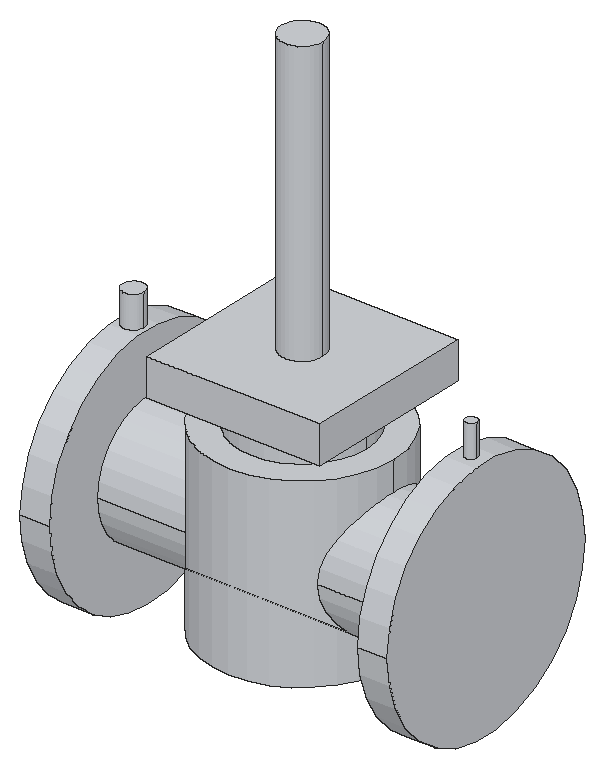
Revit family "OPTIMA_Compact_FLANGE_PN16_DN100-HF_RFA_2018", category Pipe Accessories, Revit 2018
Family settings
  Round Connector Dimension = Use Diameter
  Part Type = Valve - Breaks Into
  Work Plane-Based = No
  Always vertical = Yes
  Cut with Voids When Loaded = No
  Shared = No
Parameters (values of type "Optima Compact Flange PN16 DN100 HF")
  magiProductId = "Frese Optima Flange DN100 HF"
  magiProductFamilyId = "Frese Optima Flange *"
  magiPartTypeId = 304
  isMeasuringValve [instance] = no
  ang2D [instance] = 0.00°
  W2D = 50 mm
  VersionID = "2.0/2018.8.28.1/FRESE_OPTIMA_FLANGE_Q13_002"
  Use Minimum Symbol Size [instance] = yes
  URL = "www.hydronic.cz"
  Type Comments = "Přírubový; PN16; 0~120°C, s měřením"
  R4 = 61.25 mm
  R3 = 61.1 mm
  R1 = 87.5 mm
  QmdConnectorList = "301;D;302;D"
  Productdata [instance] = ""
  Manufacturer = "Hydronic Systems Prague s.r.o."
  MC Product Code = "53-1213 (DN100 HF; 40mm; pohon min 1000N; Qmin-dpmin 14800l/h-30.0kPa; Qmax-dpmin 90000l/h-75.0kPa; dpmax 800kPa)"
  MC Piping Given Pressure Drop [instance] = 0.0 Pa
  LF__ve = -LF  # -28 mm
  LF2 = 14 mm
  LF = 28 mm
  L4 = 164.5 mm
  L3 = 294 mm
  L2D_Min = 3048 mm
  L2D = 230 mm
  L2 = 175 mm
  H6 = 268.75 mm
  H4 = 35.25 mm
  H3 = 29.375 mm
  H2 = 88.125 mm
  H1 = 176.25 mm
  Description = "Tlakově nezávislý 2-cestný regulační vyvažovací ventil (PICV)"
  DF2 = 117.5 mm
  D = 100 mm
  CAT0 = yes
Types (14, lengths in mm): name | magiProductId | magiProductFamilyId | W2D | Type Comments | R4 | R3 | R1 | MC Product Code | LF__ve | LF2 | LF | L4 | L3 | L2D | L2 | H6 | H4 | H3 | H2 | H1 | DF2 | D
  Optima Compact Flange PN16 DN050 LF | "Frese Optima Flange DN050 LF" | "Frese Optima Flange *" | 50 | "Přírubový; PN16; 0~120°C, s měřením" | 40.3 | 42.9 | 57.5 | "53-1200 (DN50 LF; 20mm; pohon min 1000N; Qmin-dpmin 2500l/h-6.5kPa; Qmax-dpmin 15000l/h-20.0kPa; dpmax 800kPa)" | -18.4 | 9.2 | 18.4 | 108.1 | 193.2 | 230 | 115 | 157.3 | 24.8 | 20.6 | 61.9 | 123.8 | 82.5 | 50
  Optima Compact Flange PN16 DN050 HF | "Frese Optima Flange DN050 HF" | "Frese Optima Flange *" | 50 | "Přírubový; PN16; 0~120°C, s měřením" | 40.25 | 42.9 | 57.5 | "53-1210 (DN50 HF; 20mm; pohon min 1000N; Qmin-dpmin 3900l/h-19.0kPa; Qmax-dpmin 24000l/h-50.0kPa; dpmax 800kPa)" | -18.4 | 9.2 | 18.4 | 108.1 | 193.2 | 230 | 115 | 157.25 | 24.75 | 20.625 | 61.875 | 123.75 | 82.5 | 50
  Optima Compact Flange PN16 DN065 LF | "Frese Optima Flange DN065 LF" | "Frese Optima Flange *" | 50 | "Přírubový; PN16; 0~120°C, s měřením" | 50.75 | 48.1 | 72.5 | "53-1201 (DN65 LF; 20mm; pohon min 1000N; Qmin-dpmin 4400l/h-15.0kPa; Qmax-dpmin 25000l/h-25.0kPa; dpmax 800kPa)" | -23.2 | 11.6 | 23.2 | 136.3 | 243.6 | 230 | 145 | 171.25 | 27.75 | 23.125 | 69.375 | 138.75 | 92.5 | 65
  Optima Compact Flange PN16 DN065 HF | "Frese Optima Flange DN065 HF" | "Frese Optima Flange *" | 50 | "Přírubový; PN16; 0~120°C, s měřením" | 50.75 | 48.1 | 72.5 | "53-1211 (DN65 HF; 20mm; pohon min 1000N; Qmin-dpmin 6000l/h-30.0kPa; Qmax-dpmin 35000l/h-55.0kPa; dpmax 800kPa)" | -23.2 | 11.6 | 23.2 | 136.3 | 243.6 | 230 | 145 | 171.25 | 27.75 | 23.125 | 69.375 | 138.75 | 92.5 | 65
  Optima Compact Flange PN16 DN080 LF | "Frese Optima Flange DN080 LF" | "Frese Optima Flange *" | 50 | "Přírubový; PN16; 0~120°C, s měřením" | 54.25 | 52 | 77.5 | "53-1202 (DN80 LF; 20mm; pohon min 1000N; Qmin-dpmin 5300l/h-16.0kPa; Qmax-dpmin 34000l/h-25.0kPa; dpmax 800kPa)" | -24.8 | 12.4 | 24.8 | 145.7 | 260.4 | 230 | 155 | 183 | 30 | 25 | 75 | 150 | 100 | 80
  Optima Compact Flange PN16 DN080 HF | "Frese Optima Flange DN080 HF" | "Frese Optima Flange *" | 50 | "Přírubový; PN16; 0~120°C, s měřením" | 54.25 | 52 | 77.5 | "53-1212 (DN80 HF; 20mm; pohon min 1000N; Qmin-dpmin 7000l/h-23.0kPa; Qmax-dpmin 43000l/h-50.0kPa; dpmax 800kPa)" | -24.8 | 12.4 | 24.8 | 145.7 | 260.4 | 230 | 155 | 183 | 30 | 25 | 75 | 150 | 100 | 80
  Optima Compact Flange PN16 DN100 LF | "Frese Optima Flange DN100 LF" | "Frese Optima Flange *" | 50 | "Přírubový; PN16; 0~120°C, s měřením" | 61.25 | 61.1 | 87.5 | "53-1203 (DN100 LF; 40mm; pohon min 1000N; Qmin-dpmin 12100l/h-20.0kPa; Qmax-dpmin 68000l/h-35.0kPa; dpmax 800kPa)" | -28 | 14 | 28 | 164.5 | 294 | 230 | 175 | 268.75 | 35.25 | 29.375 | 88.125 | 176.25 | 117.5 | 100
  Optima Compact Flange PN16 DN100 HF | "Frese Optima Flange DN100 HF" | "Frese Optima Flange *" | 50 | "Přírubový; PN16; 0~120°C, s měřením" | 61.25 | 61.1 | 87.5 | "53-1213 (DN100 HF; 40mm; pohon min 1000N; Qmin-dpmin 14800l/h-30.0kPa; Qmax-dpmin 90000l/h-75.0kPa; dpmax 800kPa)" | -28 | 14 | 28 | 164.5 | 294 | 230 | 175 | 268.75 | 35.25 | 29.375 | 88.125 | 176.25 | 117.5 | 100
  Optima Compact Flange PN16 DN125 LF | "Frese Optima Flange DN125 LF" | "Frese Optima Flange *" | 50 | "Přírubový; PN16; 0~120°C, s měřením" | 70 | 70.2 | 100 | "53-1204 (DN125 LF; 40mm; pohon min 1000N; Qmin-dpmin 18500l/h-16.0kPa; Qmax-dpmin 110000l/h-35.0kPa; dpmax 800kPa)" | -32 | 16 | 32 | 188 | 336 | 230 | 200 | 275.5 | 40.5 | 33.75 | 101.25 | 202.5 | 135 | 125
  Optima Compact Flange PN16 DN125 HF | "Frese Optima Flange DN125 HF" | "Frese Optima Flange *" | 50 | "Přírubový; PN16; 0~120°C, s měřením" | 70 | 70.2 | 100 | "53-1214 (DN125 HF; 40mm; pohon min 1000N; Qmin-dpmin 23000l/h-27.0kPa; Qmax-dpmin 135000l/h-53.0kPa; dpmax 800kPa)" | -32 | 16 | 32 | 188 | 336 | 230 | 200 | 275.5 | 40.5 | 33.75 | 101.25 | 202.5 | 135 | 125
  Optima Compact Flange PN16 DN150 LF | "Frese Optima Flange DN150 LF" | "Frese Optima Flange *" | 50 | "Přírubový; PN16; 0~110°C, s měřením" | 84 | 74.1 | 120 | "53-1205 (DN150 LF; 43mm; pohon min 1500N; Qmin-dpmin 25600l/h-21.0kPa; Qmax-dpmin 148000l/h-35.0kPa; dpmax 800kPa)" | -38.4 | 19.2 | 38.4 | 225.6 | 403.2 | 230 | 240 | 279.25 | 42.75 | 35.625 | 106.875 | 213.75 | 142.5 | 150
  Optima Compact Flange PN16 DN150 HF | "Frese Optima Flange DN150 HF" | "Frese Optima Flange *" | 50 | "Přírubový; PN16; 0~110°C, s měřením" | 84 | 74.1 | 120 | "53-1215 (DN150 HF; 43mm; pohon min 1500N; Qmin-dpmin 32000l/h-33.0kPa; Qmax-dpmin 195000l/h-65.0kPa; dpmax 800kPa)" | -38.4 | 19.2 | 38.4 | 225.6 | 403.2 | 230 | 240 | 279.25 | 42.75 | 35.625 | 106.875 | 213.75 | 142.5 | 150
  Optima Compact Flange PN16 DN200 LF | "" | "" | 100 | "Přírubový; PN16; 0~110°C, s měřením" | 164.5 | 98.8 | 235 | "53-1206 (DN200 LF; 43mm; pohon min 1500N; Qmin-dpmin 95000l/h-11.0kPa; Qmax-dpmin 210000l/h-32.0kPa; dpmax 800kPa)" | -48 | 24 | 48 | 282 | 504 | 350 | 300 | 281 | 57 | 15 | 209 | 380 | 190 | 200
  Optima Compact Flange PN16 DN200 HF | "" | "" | 100 | "Přírubový; PN16; 0~110°C, s měřením" | 164.5 | 98.8 | 235 | "53-1216 (DN200 HF; 43mm; pohon min 1500N; Qmin-dpmin 130000l/h-31.0kPa; Qmax-dpmin 280000l/h-78.0kPa; dpmax 800kPa)" | -48 | 24 | 48 | 282 | 504 | 350 | 300 | 281 | 57 | 15 | 209 | 380 | 190 | 200
Reference planes
  plane 1 "Center (Front/Back)": y = 0
  plane 2 "XYPLANE": z = 0
  plane 3 "Center (Left/Right)": x = 0
  plane 4 "157": x = 161
  plane 5 "156": x = -161
  plane 6 "155": z = 117.5
  plane 7 "154": z = 152.75
  plane 8 "153": z = 117.5
  plane 9 "152": z = 88.125
  plane 10 "151": x = -147
  plane 11 "150": z = -88.125
  plane 12 "149": x = 0
  plane 13 "148": y = 0
  plane 14 "147": z = 0
  plane 15 "146": x = -175
  plane 16 "145": x = 175
Forms (mm)
  Extrusion 1, solid, visible <- "CAT0"
    sketch origin (-750, 0, 117.5) x (1, 0, 0) y (0, 1, 0)
      loop
        circle (911, 0) r 5.5
    from 0 to 30
  Extrusion 2, solid, visible <- "CAT0"
    sketch origin (-750, 0, 117.5) x (1, 0, 0) y (0, 1, 0)
      loop
        circle (589, 0) r 10.3
    from 0 to 30
  Extrusion 3, solid, visible <- "CAT0"
    sketch origin (-750, 0, 152.75) x (1, 0, 0) y (0, 1, 0)
      loop
        circle (750, 0) r 20
    from 0 to 268.75 <- "H6"
  Extrusion 4, solid, visible <- "CAT0"
    sketch origin (-750, 0, 117.5) x (1, 0, 0) y (0, 1, 0)
      loop
        line (832.25, 82.25) -> (667.75, 82.25) -> (667.75, -82.25) -> (832.25, -82.25) -> (832.25, 82.25)
    from 0 to 35.25 <- "H4"
  Extrusion 5, solid, visible <- "CAT0"
    sketch origin (-750, 0, 88.125) x (1, 0, 0) y (0, 1, 0)
      loop
        circle (750, 0) r 61.25
    from 0 to 29.375 <- "H3"
  Extrusion 6, solid, visible <- "CAT0"
    sketch origin (-147, -750, 0) x (0, 1, 0) y (0, 0, 1)
      loop
        circle (750, 0) r 61.1
    from 0 to 294 <- "L3"
  Extrusion 7, solid, visible <- "CAT0"
    sketch origin (-750, 0, -88.125) x (1, 0, 0) y (0, 1, 0)
      loop
        circle (750, 0) r 87.5
    from 0 to 176.25 <- "H1"
  Extrusion 8, solid, visible <- "CAT0"
    sketch origin (-175, -750, 0) x (0, 1, 0) y (0, 0, 1)
      loop
        circle (750, 0) r 117.5
    from 0 to 28 <- "LF"
  Extrusion 9, solid, visible <- "CAT0"
    sketch origin (175, -750, 0) x (0, 1, 0) y (0, 0, 1)
      loop
        circle (750, 0) r 117.5
    from 0 to -28 <- "LF__ve"
  Extrusion 10, solid, not visible
    sketch origin (-175, -750, 0) x (0, 1, 0) y (0, 0, 1)
      loop
        circle (750, 0) r 10
    from 0 to 10
  Extrusion 11, solid, not visible
    sketch origin (175, -750, 0) x (0, 1, 0) y (0, 0, 1)
      loop
        circle (750, 0) r 10
    from 0 to -10
Lines and regions (mm)
  reference lines, not visible
    curve 1: circle (2, 2, 0) r 1 normal (0, 0, 1)
  reference lines
    curve 2: circle (0, 0, 117.5) r 1 normal (0, 0, 1)
Dimensions and locks
  plane 1 "Center (Front/Back)" to curve 1 = 2 mm
  "LF2": plane 16 "145" to plane 4 "157"
  "LF2": plane 15 "146" to plane 5 "156"
  "DF2": plane 2 "XYPLANE" to plane 6 "155"
  "H4": plane 8 "153" to plane 7 "154"
  "H3": plane 9 "152" to plane 8 "153"
  "H1": plane 11 "150" to plane 9 "152"
  "LF": plane 15 "146" to plane 10 "151"
  "H2": plane 2 "XYPLANE" to plane 11 "150"
  locked: plane 3 "Center (Left/Right)" to plane 12 "149"
  locked: plane 1 "Center (Front/Back)" to plane 13 "148"
  locked: plane 2 "XYPLANE" to plane 14 "147"
  "L2": plane 3 "Center (Left/Right)" to plane 15 "146"
  "L2": plane 3 "Center (Left/Right)" to plane 16 "145"
  equal spacing: Extrusion 4 sketch curve, curve 2, Extrusion 4 sketch curve  (x2)
  "L4": Extrusion 4 sketch curve to Extrusion 4 sketch curve  (x2)
  Extrusion 4 sketch curve to Extrusion 4 sketch curve = 0 mm  (x8)
  "R4": radius of Extrusion 5 sketch curve
  "R3": radius of Extrusion 6 sketch curve
  "R1": radius of Extrusion 7 sketch curve
  "DF2": radius of Extrusion 8 sketch curve
  "DF2": radius of Extrusion 9 sketch curve
  aligned and locked: level to plane 2 "XYPLANE"
  aligned and locked: plane 4 "157" to Extrusion 1 sketch curve
  aligned and locked: plane 13 "148" to Extrusion 1 sketch curve
  aligned and locked: plane 5 "156" to Extrusion 2 sketch curve
  aligned and locked: plane 13 "148" to Extrusion 2 sketch curve
  aligned and locked: plane 12 "149" to Extrusion 3 sketch curve
  aligned and locked: plane 13 "148" to Extrusion 3 sketch curve
  aligned and locked: plane 12 "149" to curve 2
  aligned and locked: plane 13 "148" to curve 2
  aligned and locked: plane 12 "149" to Extrusion 5 sketch curve
  aligned and locked: plane 13 "148" to Extrusion 5 sketch curve
  aligned and locked: Extrusion 6 sketch curve to plane 13 "148"
  aligned and locked: plane 14 "147" to Extrusion 6 sketch curve
  aligned and locked: plane 12 "149" to Extrusion 7 sketch curve
  aligned and locked: plane 13 "148" to Extrusion 7 sketch curve
  aligned and locked: Extrusion 8 sketch curve to plane 13 "148"
  aligned and locked: plane 14 "147" to Extrusion 8 sketch curve
  aligned and locked: Extrusion 9 sketch curve to plane 13 "148"
  aligned and locked: plane 14 "147" to Extrusion 9 sketch curve
  aligned and locked: Extrusion 10 sketch curve to plane 13 "148"
  aligned and locked: plane 14 "147" to Extrusion 10 sketch curve
  aligned and locked: Extrusion 11 sketch curve to plane 13 "148"
  aligned and locked: plane 14 "147" to Extrusion 11 sketch curve
Automatic sketch dimensions
  Extrusion 1 sketch curve to plane 4 "157" = 5.5 mm
  plane 15 "146" to Extrusion 2 sketch curve = 3.7 mm
  Extrusion 3 sketch curve to plane 3 "Center (Left/Right)" = 20 mm
  plane 1 "Center (Front/Back)" to Extrusion 10 sketch curve = 10 mm
  plane 1 "Center (Front/Back)" to Extrusion 11 sketch curve = 10 mm
  plane 3 "Center (Left/Right)" to curve 1 = 2 mm
  plane 10 "151" to Extrusion 4 sketch curve = 64.75 mm
  plane 1 "Center (Front/Back)" to Extrusion 4 sketch curve = 82.25 mm
  radius of curve 2 = 1 mm
  radius of curve 1 = 1 mm
Connectors
  piping at (-175, 0, 0), diameter 100, driven by "D"
    settings: on Extrusion 10, index 1, connector inside diameter 609.6 mm, connector length 0 mm, flow factor 0, pipe flow 0.0 L/s, pressure drop 0.0 Pa, fitting loss kfactor 0, connector angle 0.00°, fixture units 0, engagement length 0 mm, angle of deflection 0.00°, flow configuration 0, flow direction 0, fitting loss method 0, system type 29, joint type 0, gender type 0, connector reference index 2, connector utility 0, adjustable connector no, is connector primary yes, connector description ""
  piping at (175, 0, 0), diameter 100, driven by "D"
    settings: on Extrusion 11, index 2, connector inside diameter 609.6 mm, connector length 0 mm, flow factor 0, pipe flow 0.0 L/s, pressure drop 0.0 Pa, fitting loss kfactor 0, connector angle 0.00°, fixture units 0, engagement length 0 mm, angle of deflection 0.00°, flow configuration 0, flow direction 0, fitting loss method 0, system type 29, joint type 0, gender type 0, connector reference index 1, connector utility 0, adjustable connector no, is connector primary no, connector description ""
